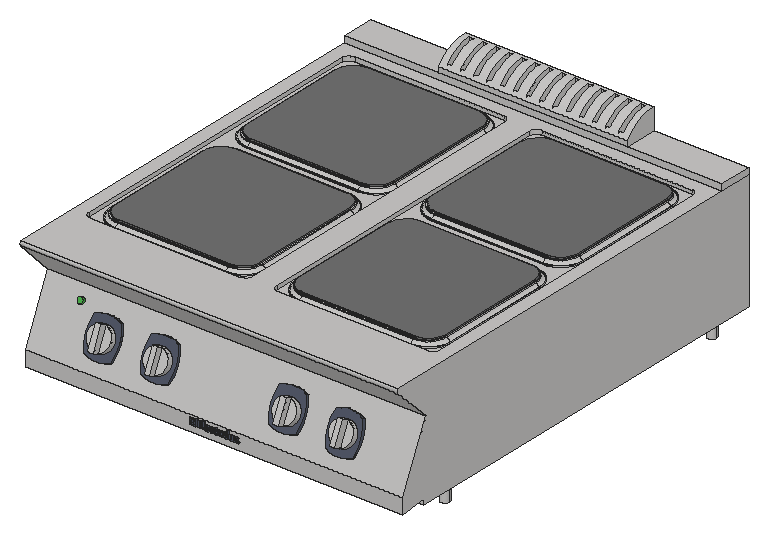
Revit family "QF_ELECTROLUXPROFESSIONAL_391040_E9ECEH4Q00", category Specialty Equipment, Revit 2018 (continued)
Automatic sketch dimensions
  Extrusion 10 sketch curve to Extrusion 10 sketch curve = 11.572 mm
  Extrusion 11 sketch curve to plane 4 "RIGHT" = 143.463 mm
  Extrusion 11 sketch curve to plane 7 "Center Y" = 136.537 mm
  Extrusion 11 sketch curve to Extrusion 11 sketch curve = 0 mm  (x3)
  Extrusion 11 sketch curve to Extrusion 11 sketch curve = 120 mm  (x2)
  Extrusion 12 sketch curve to Extrusion 1 = 151 mm
  Extrusion 12 sketch curve to Extrusion 1 = 250.023 mm
  Extrusion 13 sketch curve to Extrusion 1 = 61 mm
  Extrusion 13 sketch curve to Extrusion 1 = 276.023 mm
  Extrusion 14 sketch curve to Extrusion 1 = 31.119 mm  (x4)
  Extrusion 14 sketch curve to Extrusion 1 = 33.619 mm  (x4)
  Extrusion 14 sketch curve to Extrusion 14 sketch curve = 12.3 mm  (x12)
  Extrusion 14 sketch curve to Extrusion 14 sketch curve = 34.925 mm  (x6)
  Extrusion 14 sketch curve to Extrusion 14 sketch curve = 2.5 mm  (x2)
  Extrusion 14 sketch curve to Extrusion 14 sketch curve = 45.146 mm  (x4)
  Extrusion 1 to Extrusion 14 sketch curve = 89.526 mm
  Extrusion 14 sketch curve to Extrusion 14 sketch curve = 25.727 mm  (x4)
  Extrusion 14 sketch curve to Extrusion 14 sketch curve = 25.771 mm  (x2)
  Extrusion 14 sketch curve to Extrusion 14 sketch curve = 28.531 mm  (x2)
  Extrusion 14 sketch curve to Extrusion 14 sketch curve = 11.797 mm  (x2)
  Extrusion 14 sketch curve to Extrusion 14 sketch curve = 163.116 mm
  Extrusion 14 sketch curve to Extrusion 14 sketch curve = 25.683 mm  (x2)
  Extrusion 14 sketch curve to Extrusion 14 sketch curve = 28.575 mm  (x2)
  plane 10 "TOP A" to Extrusion 15 sketch curve = 12.778 mm
  Extrusion 15 sketch curve to plane 1 "BACK" = 0 mm
  plane 1 "BACK" to Extrusion 15 sketch curve = 1.769 mm
  plane 13 to Extrusion 15 sketch curve = 12.15 mm
  Extrusion 15 sketch curve to plane 10 "TOP A" = 27.335 mm
  plane 10 "TOP A" to Extrusion 15 sketch curve = 25.4 mm
  plane 1 "BACK" to Extrusion 16 sketch curve = 6.761 mm
  Extrusion 16 sketch curve to plane 7 "Center Y" = 177.251 mm
  Extrusion 16 sketch curve to Extrusion 16 sketch curve = 9.296 mm
  plane 13 to Extrusion 16 sketch curve = 18.089 mm
  Extrusion 17 sketch curve to plane 1 "BACK" = 6.761 mm
  Extrusion 17 sketch curve to plane 7 "Center Y" = 177.251 mm
  Extrusion 17 sketch curve to Extrusion 17 sketch curve = 9.296 mm
  Extrusion 17 sketch curve to plane 13 = 18.089 mm
  plane 1 "BACK" to Extrusion 18 sketch curve = 6.761 mm
  Extrusion 18 sketch curve to plane 7 "Center Y" = 149.263 mm
  Extrusion 18 sketch curve to Extrusion 18 sketch curve = 9.296 mm
  plane 13 to Extrusion 18 sketch curve = 18.089 mm
  plane 1 "BACK" to Extrusion 19 sketch curve = 6.761 mm
  Extrusion 19 sketch curve to plane 7 "Center Y" = 121.275 mm
  Extrusion 19 sketch curve to Extrusion 19 sketch curve = 9.296 mm
  plane 13 to Extrusion 19 sketch curve = 18.089 mm
  plane 1 "BACK" to Extrusion 20 sketch curve = 6.761 mm
  Extrusion 20 sketch curve to plane 7 "Center Y" = 93.311 mm
  Extrusion 20 sketch curve to Extrusion 20 sketch curve = 9.296 mm
  plane 13 to Extrusion 20 sketch curve = 18.089 mm
  plane 1 "BACK" to Extrusion 21 sketch curve = 6.761 mm
  Extrusion 21 sketch curve to plane 7 "Center Y" = 65.323 mm
  Extrusion 21 sketch curve to Extrusion 21 sketch curve = 9.296 mm
  plane 13 to Extrusion 21 sketch curve = 18.089 mm
  plane 1 "BACK" to Extrusion 22 sketch curve = 6.761 mm
  Extrusion 22 sketch curve to plane 7 "Center Y" = 37.335 mm
  Extrusion 22 sketch curve to Extrusion 22 sketch curve = 9.296 mm
  plane 13 to Extrusion 22 sketch curve = 18.089 mm
  Extrusion 23 sketch curve to plane 7 "Center Y" = 9.346 mm
  Extrusion 23 sketch curve to Extrusion 23 sketch curve = 9.296 mm
  plane 1 "BACK" to Extrusion 23 sketch curve = 6.761 mm
  plane 13 to Extrusion 23 sketch curve = 18.089 mm
  plane 1 "BACK" to Extrusion 24 sketch curve = 6.761 mm
  plane 7 "Center Y" to Extrusion 24 sketch curve = 18.642 mm
  Extrusion 24 sketch curve to Extrusion 24 sketch curve = 9.296 mm
  plane 13 to Extrusion 24 sketch curve = 18.089 mm
  plane 1 "BACK" to Extrusion 25 sketch curve = 6.761 mm
  plane 7 "Center Y" to Extrusion 25 sketch curve = 46.63 mm
  Extrusion 25 sketch curve to Extrusion 25 sketch curve = 9.296 mm
  plane 13 to Extrusion 25 sketch curve = 18.089 mm
  plane 1 "BACK" to Extrusion 26 sketch curve = 6.761 mm
  plane 7 "Center Y" to Extrusion 26 sketch curve = 74.619 mm
  Extrusion 26 sketch curve to Extrusion 26 sketch curve = 9.296 mm
  plane 13 to Extrusion 26 sketch curve = 18.089 mm
  plane 1 "BACK" to Extrusion 27 sketch curve = 6.761 mm
  plane 7 "Center Y" to Extrusion 27 sketch curve = 102.582 mm
  Extrusion 27 sketch curve to Extrusion 27 sketch curve = 9.296 mm
  plane 13 to Extrusion 27 sketch curve = 18.089 mm
  plane 1 "BACK" to Extrusion 28 sketch curve = 6.761 mm
  plane 7 "Center Y" to Extrusion 28 sketch curve = 130.57 mm
  Extrusion 28 sketch curve to Extrusion 28 sketch curve = 9.296 mm
  plane 13 to Extrusion 28 sketch curve = 18.089 mm
  plane 1 "BACK" to Extrusion 29 sketch curve = 6.761 mm
  plane 7 "Center Y" to Extrusion 29 sketch curve = 158.559 mm
  Extrusion 29 sketch curve to Extrusion 29 sketch curve = 9.296 mm
  plane 13 to Extrusion 29 sketch curve = 18.089 mm
  Sweep 30 sketch curve to Extrusion 5 = 40 mm  (x2)
  profile plane to Sweep 30 sketch curve = 0 mm
  Sweep 30 sketch curve to profile plane = 6.35 mm
  Sweep 30 sketch curve to Sweep 30 sketch curve = 1.714 mm
  profile plane to Sweep 30 sketch curve = 4.181 mm
  Sweep 30 sketch curve to profile plane = 12.291 mm
  Sweep 30 sketch curve to profile plane = 1.759 mm
  Sweep 30 sketch curve to Sweep 30 sketch curve = 1.891 mm
  Sweep 31 sketch curve to Extrusion 5 = 40 mm  (x2)
  profile plane to Sweep 31 sketch curve = 0 mm
  Sweep 31 sketch curve to profile plane = 6.35 mm
  Sweep 31 sketch curve to Sweep 31 sketch curve = 1.714 mm
  profile plane to Sweep 31 sketch curve = 4.181 mm
  Sweep 31 sketch curve to profile plane = 12.291 mm
  Sweep 31 sketch curve to profile plane = 1.759 mm
  Sweep 31 sketch curve to Sweep 31 sketch curve = 1.891 mm
  Extrusion 32 sketch curve to Extrusion 1 = 8.862 mm
  Extrusion 32 sketch curve to Extrusion 1 = 13.903 mm
  Extrusion 32 sketch curve to Extrusion 1 = 13.922 mm
  Extrusion 32 sketch curve to Extrusion 32 sketch curve = 0 mm  (x28)
  Extrusion 32 sketch curve to Extrusion 32 sketch curve = 5.108 mm
  Extrusion 32 sketch curve to Extrusion 32 sketch curve = 0.054 mm
  Extrusion 32 sketch curve to Extrusion 32 sketch curve = 0.218 mm
  Extrusion 32 sketch curve to Extrusion 32 sketch curve = 0.195 mm
  Extrusion 32 sketch curve to Extrusion 32 sketch curve = 0.249 mm
  Extrusion 32 sketch curve to Extrusion 1 = 14.219 mm
  Extrusion 32 sketch curve to Extrusion 32 sketch curve = 0.087 mm
  Extrusion 32 sketch curve to Extrusion 32 sketch curve = 0.358 mm
  Extrusion 32 sketch curve to Extrusion 32 sketch curve = 0.481 mm
  Extrusion 32 sketch curve to Extrusion 32 sketch curve = 0.597 mm
  Extrusion 32 sketch curve to Extrusion 32 sketch curve = 0.544 mm
  Extrusion 32 sketch curve to Extrusion 32 sketch curve = 0.936 mm
  Extrusion 32 sketch curve to Extrusion 32 sketch curve = 0.594 mm
  Extrusion 32 sketch curve to Extrusion 32 sketch curve = 0.343 mm
  Extrusion 32 sketch curve to Extrusion 32 sketch curve = 0.159 mm
  Extrusion 32 sketch curve to Extrusion 32 sketch curve = 0.826 mm
  Extrusion 32 sketch curve to Extrusion 32 sketch curve = 0.839 mm
  Extrusion 32 sketch curve to Extrusion 32 sketch curve = 0.852 mm
  Extrusion 32 sketch curve to Extrusion 32 sketch curve = 0.887 mm
  Extrusion 32 sketch curve to Extrusion 32 sketch curve = 0.928 mm
  Extrusion 32 sketch curve to Extrusion 32 sketch curve = 0.938 mm
  Extrusion 32 sketch curve to Extrusion 32 sketch curve = 0.444 mm
  Extrusion 32 sketch curve to Extrusion 32 sketch curve = 1.11 mm  (x3)
  Extrusion 32 sketch curve to Extrusion 32 sketch curve = 0.215 mm
  Extrusion 32 sketch curve to Extrusion 32 sketch curve = 1.43 mm
  Extrusion 32 sketch curve to Extrusion 32 sketch curve = 1.188 mm
  Extrusion 32 sketch curve to Extrusion 32 sketch curve = 1.21 mm  (x2)
  Extrusion 32 sketch curve to Extrusion 32 sketch curve = 0.503 mm
  Extrusion 32 sketch curve to Extrusion 32 sketch curve = 0.488 mm
  Extrusion 32 sketch curve to Extrusion 32 sketch curve = 0.462 mm
  Extrusion 32 sketch curve to Extrusion 32 sketch curve = 1.386 mm
  Extrusion 32 sketch curve to Extrusion 32 sketch curve = 1.742 mm  (x2)
  Extrusion 32 sketch curve to Extrusion 32 sketch curve = 0.821 mm
  Extrusion 32 sketch curve to Extrusion 32 sketch curve = 0.497 mm
  Extrusion 32 sketch curve to Extrusion 32 sketch curve = 0.539 mm
  Extrusion 32 sketch curve to Extrusion 32 sketch curve = 0.686 mm
  Extrusion 32 sketch curve to Extrusion 32 sketch curve = 0.408 mm
  Extrusion 32 sketch curve to Extrusion 32 sketch curve = 0.743 mm
  Extrusion 32 sketch curve to Extrusion 32 sketch curve = 1.16 mm
  Extrusion 32 sketch curve to Extrusion 32 sketch curve = 0.329 mm
  Extrusion 32 sketch curve to Extrusion 32 sketch curve = 1.054 mm
  Extrusion 32 sketch curve to Extrusion 32 sketch curve = 1.056 mm
  Extrusion 32 sketch curve to Extrusion 32 sketch curve = 0.129 mm
  Extrusion 32 sketch curve to Extrusion 32 sketch curve = 0.489 mm
  Extrusion 32 sketch curve to Extrusion 32 sketch curve = 0.441 mm
  Extrusion 32 sketch curve to Extrusion 32 sketch curve = 1.151 mm
  Extrusion 32 sketch curve to Extrusion 32 sketch curve = 1.141 mm  (x2)
  Extrusion 32 sketch curve to Extrusion 32 sketch curve = 0.768 mm
  Extrusion 32 sketch curve to Extrusion 32 sketch curve = 1.653 mm
  Extrusion 32 sketch curve to Extrusion 32 sketch curve = 0.499 mm
  Extrusion 32 sketch curve to Extrusion 32 sketch curve = 0.964 mm
  Extrusion 32 sketch curve to Extrusion 32 sketch curve = 0.949 mm
  Extrusion 32 sketch curve to Extrusion 32 sketch curve = 1.345 mm  (x3)
  Extrusion 32 sketch curve to Extrusion 32 sketch curve = 1.101 mm
  Extrusion 32 sketch curve to Extrusion 32 sketch curve = 0.432 mm
  Extrusion 32 sketch curve to Extrusion 32 sketch curve = 1.142 mm
  Extrusion 32 sketch curve to Extrusion 32 sketch curve = 0.959 mm
  Extrusion 32 sketch curve to Extrusion 32 sketch curve = 0.176 mm
  Extrusion 32 sketch curve to Extrusion 32 sketch curve = 0.728 mm
  Extrusion 32 sketch curve to Extrusion 32 sketch curve = 3.375 mm  (x2)
  Extrusion 32 sketch curve to Extrusion 32 sketch curve = 0.541 mm
  Extrusion 32 sketch curve to Extrusion 32 sketch curve = 0.955 mm
  Extrusion 32 sketch curve to Extrusion 32 sketch curve = 1.251 mm
  Extrusion 32 sketch curve to Extrusion 32 sketch curve = 0.572 mm
  Extrusion 32 sketch curve to Extrusion 32 sketch curve = 1.92 mm
  Extrusion 32 sketch curve to Extrusion 32 sketch curve = 1.224 mm
  Extrusion 32 sketch curve to Extrusion 32 sketch curve = 0.745 mm
  Extrusion 32 sketch curve to Extrusion 32 sketch curve = 2.537 mm
  Extrusion 32 sketch curve to Extrusion 32 sketch curve = 0.896 mm  (x3)
  Extrusion 32 sketch curve to Extrusion 32 sketch curve = 0.036 mm
  Extrusion 32 sketch curve to Extrusion 32 sketch curve = 2.607 mm
  Extrusion 32 sketch curve to Extrusion 32 sketch curve = 0.066 mm
  Extrusion 32 sketch curve to Extrusion 32 sketch curve = 0.248 mm
  Extrusion 32 sketch curve to Extrusion 32 sketch curve = 0.449 mm
  Extrusion 32 sketch curve to Extrusion 32 sketch curve = 1.052 mm
  Extrusion 32 sketch curve to Extrusion 32 sketch curve = 1.863 mm
  Extrusion 32 sketch curve to Extrusion 32 sketch curve = 1.31 mm  (x2)
  Extrusion 32 sketch curve to Extrusion 32 sketch curve = 0.901 mm
  Extrusion 32 sketch curve to Extrusion 32 sketch curve = 1.107 mm
  Extrusion 32 sketch curve to Extrusion 32 sketch curve = 2.122 mm
  Extrusion 32 sketch curve to Extrusion 32 sketch curve = 2.101 mm
  Extrusion 32 sketch curve to Extrusion 32 sketch curve = 0.106 mm
  Extrusion 32 sketch curve to Extrusion 32 sketch curve = 0.029 mm
  Extrusion 32 sketch curve to Extrusion 32 sketch curve = 2.09 mm
  Extrusion 32 sketch curve to Extrusion 32 sketch curve = 1.279 mm
  Extrusion 32 sketch curve to Extrusion 32 sketch curve = 2.008 mm
  Extrusion 32 sketch curve to Extrusion 32 sketch curve = 0.738 mm
  Extrusion 32 sketch curve to Extrusion 32 sketch curve = 0.382 mm
  Extrusion 32 sketch curve to Extrusion 32 sketch curve = 0.384 mm
  Extrusion 32 sketch curve to Extrusion 32 sketch curve = 0.002 mm
  Extrusion 32 sketch curve to Extrusion 32 sketch curve = 0.561 mm
  Extrusion 32 sketch curve to Extrusion 32 sketch curve = 0.592 mm
  Extrusion 32 sketch curve to Extrusion 32 sketch curve = 2.692 mm
  Extrusion 32 sketch curve to Extrusion 32 sketch curve = 1.259 mm
  Extrusion 32 sketch curve to Extrusion 32 sketch curve = 0.802 mm
  Extrusion 32 sketch curve to Extrusion 32 sketch curve = 1.024 mm  (x2)
  Extrusion 32 sketch curve to Extrusion 32 sketch curve = 0.682 mm
  Extrusion 32 sketch curve to Extrusion 32 sketch curve = 5.934 mm
  Extrusion 32 sketch curve to Extrusion 32 sketch curve = 2.186 mm
  Extrusion 32 sketch curve to Extrusion 32 sketch curve = 0.337 mm
  Extrusion 32 sketch curve to Extrusion 32 sketch curve = 0.021 mm
  Extrusion 32 sketch curve to Extrusion 32 sketch curve = 1.005 mm
  Extrusion 32 sketch curve to Extrusion 32 sketch curve = 0.552 mm
  Extrusion 32 sketch curve to Extrusion 32 sketch curve = 0.778 mm
  Extrusion 32 sketch curve to Extrusion 32 sketch curve = 0.063 mm
  Extrusion 32 sketch curve to Extrusion 32 sketch curve = 1.023 mm
  Extrusion 32 sketch curve to Extrusion 32 sketch curve = 3.804 mm
  Extrusion 32 sketch curve to Extrusion 32 sketch curve = 0.486 mm
  Extrusion 32 sketch curve to Extrusion 32 sketch curve = 0.266 mm
  Extrusion 32 sketch curve to Extrusion 32 sketch curve = 1.547 mm
  Extrusion 32 sketch curve to Extrusion 32 sketch curve = 0.717 mm  (x2)
  Extrusion 32 sketch curve to Extrusion 32 sketch curve = 1.667 mm
  Extrusion 32 sketch curve to Extrusion 32 sketch curve = 3.174 mm
  Extrusion 32 sketch curve to Extrusion 32 sketch curve = 0.388 mm
  Extrusion 32 sketch curve to Extrusion 32 sketch curve = 1.342 mm
  Extrusion 32 sketch curve to Extrusion 32 sketch curve = 1.521 mm
  Extrusion 32 sketch curve to Extrusion 32 sketch curve = 0.124 mm
  Extrusion 32 sketch curve to Extrusion 32 sketch curve = 0.291 mm
  Extrusion 32 sketch curve to Extrusion 32 sketch curve = 1.049 mm  (x2)
  Extrusion 32 sketch curve to Extrusion 32 sketch curve = 1.7 mm
  Extrusion 32 sketch curve to Extrusion 32 sketch curve = 0.894 mm
  Extrusion 32 sketch curve to Extrusion 32 sketch curve = 0.989 mm
  Extrusion 32 sketch curve to Extrusion 32 sketch curve = 1.168 mm
  Extrusion 32 sketch curve to Extrusion 32 sketch curve = 1.594 mm
  Extrusion 32 sketch curve to Extrusion 32 sketch curve = 0.731 mm
  Extrusion 32 sketch curve to Extrusion 32 sketch curve = 1.566 mm
  Extrusion 32 sketch curve to Extrusion 32 sketch curve = 0.064 mm
  Extrusion 32 sketch curve to Extrusion 32 sketch curve = 0.556 mm  (x2)
  Extrusion 32 sketch curve to Extrusion 32 sketch curve = 0.48 mm
  Extrusion 32 sketch curve to Extrusion 32 sketch curve = 1.018 mm
  Extrusion 32 sketch curve to Extrusion 32 sketch curve = 0.787 mm
  Extrusion 32 sketch curve to Extrusion 32 sketch curve = 0.618 mm
  Extrusion 32 sketch curve to Extrusion 32 sketch curve = 1.672 mm
  Extrusion 32 sketch curve to Extrusion 32 sketch curve = 1.361 mm
  Extrusion 32 sketch curve to Extrusion 32 sketch curve = 0.822 mm
  Extrusion 32 sketch curve to Extrusion 32 sketch curve = 0.069 mm
  Extrusion 32 sketch curve to Extrusion 32 sketch curve = 1.88 mm
  Extrusion 32 sketch curve to Extrusion 32 sketch curve = 0.42 mm
  Extrusion 32 sketch curve to Extrusion 32 sketch curve = 0.062 mm
  Extrusion 32 sketch curve to Extrusion 32 sketch curve = 1.355 mm
  Extrusion 32 sketch curve to Extrusion 32 sketch curve = 2.34 mm
  Extrusion 32 sketch curve to Extrusion 32 sketch curve = 0.493 mm
  Extrusion 32 sketch curve to Extrusion 32 sketch curve = 0.136 mm
  Extrusion 32 sketch curve to Extrusion 32 sketch curve = 0.128 mm
  Extrusion 32 sketch curve to Extrusion 32 sketch curve = 3.616 mm
  Extrusion 32 sketch curve to Extrusion 32 sketch curve = 4.207 mm
  Extrusion 32 sketch curve to Extrusion 32 sketch curve = 0.183 mm
  Extrusion 32 sketch curve to Extrusion 32 sketch curve = 0.895 mm
  Extrusion 32 sketch curve to Extrusion 32 sketch curve = 1.314 mm
  Extrusion 32 sketch curve to Extrusion 32 sketch curve = 3.231 mm
  Extrusion 32 sketch curve to Extrusion 32 sketch curve = 1.299 mm
  Extrusion 32 sketch curve to Extrusion 32 sketch curve = 1.214 mm
  Extrusion 32 sketch curve to Extrusion 32 sketch curve = 1.264 mm
  Extrusion 1 to Extrusion 32 sketch curve = 4.768 mm
  Extrusion 32 sketch curve to Extrusion 32 sketch curve = 0.357 mm
  Extrusion 32 sketch curve to Extrusion 32 sketch curve = 0.565 mm
  Extrusion 1 to Extrusion 32 sketch curve = 3.631 mm  (x2)
  Extrusion 1 to Extrusion 32 sketch curve = 3.324 mm
  Extrusion 1 to Extrusion 32 sketch curve = 346.355 mm
  Extrusion 32 sketch curve to Extrusion 32 sketch curve = 0.208 mm
  Extrusion 32 sketch curve to Extrusion 32 sketch curve = 0.468 mm  (x2)
  Extrusion 32 sketch curve to Extrusion 32 sketch curve = 1.559 mm
  Extrusion 32 sketch curve to Extrusion 32 sketch curve = 0.422 mm  (x2)
  Extrusion 32 sketch curve to Extrusion 32 sketch curve = 0.494 mm
  Extrusion 32 sketch curve to Extrusion 32 sketch curve = 3.927 mm
  Extrusion 32 sketch curve to Extrusion 32 sketch curve = 0.782 mm
  Extrusion 32 sketch curve to Extrusion 32 sketch curve = 1.268 mm
  Extrusion 32 sketch curve to Extrusion 32 sketch curve = 0.671 mm
  Extrusion 32 sketch curve to Extrusion 32 sketch curve = 0.777 mm
  Extrusion 32 sketch curve to Extrusion 32 sketch curve = 0.704 mm
  Extrusion 32 sketch curve to Extrusion 32 sketch curve = 0.781 mm  (x2)
  Extrusion 32 sketch curve to Extrusion 32 sketch curve = 1.634 mm
  Extrusion 32 sketch curve to Extrusion 32 sketch curve = 0.132 mm
  Extrusion 32 sketch curve to Extrusion 32 sketch curve = 3.136 mm
  Extrusion 32 sketch curve to Extrusion 32 sketch curve = 2.422 mm
  Extrusion 32 sketch curve to Extrusion 32 sketch curve = 0.586 mm
  Extrusion 32 sketch curve to Extrusion 32 sketch curve = 2.046 mm  (x2)
  Extrusion 32 sketch curve to Extrusion 32 sketch curve = 1.241 mm
  Extrusion 32 sketch curve to Extrusion 32 sketch curve = 1.689 mm
  Extrusion 32 sketch curve to Extrusion 32 sketch curve = 2.859 mm
  Extrusion 32 sketch curve to Extrusion 32 sketch curve = 0.627 mm
  Extrusion 32 sketch curve to Extrusion 32 sketch curve = 0.863 mm
  Extrusion 32 sketch curve to Extrusion 32 sketch curve = 0.419 mm
  Extrusion 32 sketch curve to Extrusion 32 sketch curve = 1.514 mm
  Extrusion 32 sketch curve to Extrusion 32 sketch curve = 1.019 mm
  Extrusion 32 sketch curve to Extrusion 32 sketch curve = 0.065 mm
  Extrusion 32 sketch curve to Extrusion 32 sketch curve = 1.215 mm
  Extrusion 32 sketch curve to Extrusion 32 sketch curve = 2.708 mm
  Extrusion 32 sketch curve to Extrusion 32 sketch curve = 1.122 mm
  Extrusion 32 sketch curve to Extrusion 32 sketch curve = 1.153 mm
  Extrusion 32 sketch curve to Extrusion 32 sketch curve = 3.009 mm
  Extrusion 32 sketch curve to Extrusion 32 sketch curve = 0.829 mm  (x2)
  Extrusion 32 sketch curve to Extrusion 32 sketch curve = 0.934 mm
  Extrusion 32 sketch curve to Extrusion 32 sketch curve = 3.376 mm
  Extrusion 32 sketch curve to Extrusion 32 sketch curve = 0.222 mm
  Extrusion 32 sketch curve to Extrusion 32 sketch curve = 1.383 mm
  Extrusion 32 sketch curve to Extrusion 32 sketch curve = 1.556 mm
  Extrusion 32 sketch curve to Extrusion 32 sketch curve = 2.559 mm
  Extrusion 32 sketch curve to Extrusion 32 sketch curve = 2.51 mm
  Extrusion 32 sketch curve to Extrusion 32 sketch curve = 0.131 mm
  Extrusion 32 sketch curve to Extrusion 32 sketch curve = 1.717 mm
  Extrusion 32 sketch curve to Extrusion 32 sketch curve = 1.134 mm
  Extrusion 32 sketch curve to Extrusion 32 sketch curve = 0.366 mm
  Extrusion 32 sketch curve to Extrusion 32 sketch curve = 0.094 mm
  Extrusion 32 sketch curve to Extrusion 32 sketch curve = 1.584 mm
  Extrusion 32 sketch curve to Extrusion 32 sketch curve = 1.501 mm
  Extrusion 32 sketch curve to Extrusion 32 sketch curve = 0.27 mm
  Extrusion 32 sketch curve to Extrusion 32 sketch curve = 1.808 mm
  Extrusion 32 sketch curve to Extrusion 32 sketch curve = 0.643 mm
  Extrusion 32 sketch curve to Extrusion 32 sketch curve = 0.916 mm
  Extrusion 32 sketch curve to Extrusion 32 sketch curve = 0.352 mm
  Extrusion 32 sketch curve to Extrusion 32 sketch curve = 0.458 mm
  Extrusion 32 sketch curve to Extrusion 32 sketch curve = 1.282 mm
  Extrusion 32 sketch curve to Extrusion 32 sketch curve = 1.363 mm
  Extrusion 32 sketch curve to Extrusion 32 sketch curve = 0.685 mm
  Extrusion 32 sketch curve to Extrusion 32 sketch curve = 0.905 mm
  Extrusion 32 sketch curve to Extrusion 32 sketch curve = 2.865 mm
  Extrusion 32 sketch curve to Extrusion 32 sketch curve = 0.472 mm
  Extrusion 32 sketch curve to Extrusion 32 sketch curve = 0.101 mm
  Extrusion 32 sketch curve to Extrusion 32 sketch curve = 0.54 mm
  Extrusion 32 sketch curve to Extrusion 32 sketch curve = 0.02 mm
  Extrusion 32 sketch curve to Extrusion 32 sketch curve = 0.582 mm
  Extrusion 32 sketch curve to Extrusion 32 sketch curve = 0.166 mm
  Extrusion 32 sketch curve to Extrusion 32 sketch curve = 0.16 mm
  Extrusion 32 sketch curve to Extrusion 32 sketch curve = 2.781 mm
  Extrusion 32 sketch curve to Extrusion 32 sketch curve = 1.118 mm
  Extrusion 32 sketch curve to Extrusion 32 sketch curve = 0.613 mm
  Extrusion 32 sketch curve to Extrusion 32 sketch curve = 0.361 mm
  Extrusion 32 sketch curve to Extrusion 32 sketch curve = 0.897 mm
  Extrusion 32 sketch curve to Extrusion 32 sketch curve = 0.167 mm
  Extrusion 32 sketch curve to Extrusion 32 sketch curve = 0.292 mm
  Extrusion 32 sketch curve to Extrusion 32 sketch curve = 0.305 mm
  Extrusion 32 sketch curve to Extrusion 32 sketch curve = 1.557 mm
  Extrusion 32 sketch curve to Extrusion 32 sketch curve = 2.499 mm
  Extrusion 32 sketch curve to Extrusion 32 sketch curve = 3.062 mm
  Extrusion 32 sketch curve to Extrusion 32 sketch curve = 2.968 mm
  Extrusion 32 sketch curve to Extrusion 32 sketch curve = 5.044 mm
  Extrusion 32 sketch curve to Extrusion 32 sketch curve = 0.629 mm  (x2)
  Extrusion 32 sketch curve to Extrusion 32 sketch curve = 1.131 mm
  Extrusion 32 sketch curve to Extrusion 32 sketch curve = 0.137 mm
  Extrusion 32 sketch curve to Extrusion 32 sketch curve = 0.027 mm
  Extrusion 32 sketch curve to Extrusion 32 sketch curve = 2.235 mm
  plane 11 to Extrusion 3 sketch curve = 0 mm  (x2)
  Extrusion 3 sketch curve to plane 13 = 0 mm  (x2)
  plane 3 "LEFT" to Extrusion 3 sketch curve = 11.112 mm  (x2)
  Extrusion 3 sketch curve to plane 4 "RIGHT" = 11.113 mm  (x2)
  Extrusion 33 sketch curve to Extrusion 1 = 0 mm  (x2)
  Extrusion 33 sketch curve to Extrusion 1 = 69.85 mm
  Extrusion 1 to Extrusion 33 sketch curve = 12.778 mm
  curve 13 to curve 21 = 0 mm  (x2)
  curve 13 to curve 29 = 0 mm
  curve 13 to curve 37 = 0 mm
  curve 15 to curve 23 = 0 mm  (x2)
  curve 17 to curve 25 = 0 mm  (x2)
  curve 17 to curve 41 = 0 mm
  curve 19 to curve 27 = 0 mm
  curve 19 to curve 43 = 0 mm  (x2)
  curve 23 to curve 35 = 0 mm  (x2)
  curve 29 to curve 37 = 0 mm  (x2)
  curve 31 to curve 43 = 0 mm  (x2)
  curve 33 to curve 41 = 0 mm  (x2)
  curve 35 to curve 39 = 0 mm
  curve 45 to curve 53 = 0 mm  (x2)
  curve 45 to curve 160 = 0 mm  (x2)
  curve 45 to curve 162 = 0 mm  (x2)
  curve 47 to curve 55 = 0 mm  (x2)
  curve 47 to curve 158 = 0 mm  (x2)
  curve 47 to curve 164 = 0 mm  (x2)
  curve 49 to curve 57 = 0 mm  (x2)
  curve 49 to curve 156 = 0 mm
  curve 49 to curve 166 = 0 mm
  curve 51 to curve 59 = 0 mm
  curve 51 to curve 154 = 0 mm  (x2)
  curve 51 to curve 168 = 0 mm  (x2)
  curve 121 to curve 129 = 0 mm  (x2)
  curve 121 to curve 145 = 0 mm
  curve 123 to curve 131 = 0 mm  (x2)
  curve 125 to curve 133 = 0 mm  (x2)
  curve 125 to curve 149 = 0 mm  (x2)
  curve 127 to curve 135 = 0 mm
  curve 127 to curve 139 = 0 mm
  curve 129 to curve 145 = 0 mm
  curve 131 to curve 143 = 0 mm  (x2)
  curve 137 to curve 145 = 0 mm
  curve 139 to curve 151 = 0 mm  (x2)
  curve 141 to curve 149 = 0 mm  (x2)
  curve 143 to curve 147 = 0 mm  (x2)
  curve 169 to curve 200 = 0 mm
  curve 171 to curve 178 = 0 mm
  curve 171 to curve 198 = 0 mm
  curve 173 to curve 196 = 0 mm  (x2)
  curve 175 to curve 194 = 0 mm  (x2)
  curve 178 to curve 198 = 0 mm
  curve 180 to curve 196 = 0 mm  (x2)
  curve 182 to curve 194 = 0 mm  (x2)
  curve 184 to curve 200 = 0 mm  (x2)
  curve 185 to curve 200 = 0 mm
  curve 187 to curve 198 = 0 mm  (x2)
  curve 189 to curve 196 = 0 mm  (x2)
  curve 191 to curve 194 = 0 mm  (x2)
  plane 1 "BACK" to curve 211 = 0 mm
  curve 211 to plane 4 "RIGHT" = 0 mm
  curve 183 to plane 8 "Center X" = 0 mm
  curve 52 to plane 8 "Center X" = 0 mm
  curve 210 to plane 3 "LEFT" = 0 mm
  plane 5 "FRONT" to curve 209 = 0 mm
  curve 206 to plane 4 "RIGHT" = 27.5 mm
  curve 189 to plane 4 "RIGHT" = 38.661 mm
  curve 147 to plane 4 "RIGHT" = 38.661 mm
  curve 145 to curve 144 = 1.714 mm
  curve 191 to curve 194 = 1.714 mm
  curve 206 to plane 13 = 15.534 mm
  curve 206 to curve 206 = 15 mm
  plane 11 to curve 208 = 6.885 mm
  curve 208 to curve 208 = 15 mm
  curve 194 to curve 181 = 6.35 mm
  curve 137 to curve 129 = 6.35 mm
  curve 180 to curve 173 = 3 mm
  curve 130 to curve 122 = 3 mm
  curve 174 to curve 194 = 37 mm
  curve 122 to curve 123 = 37 mm
  curve 206 to curve 121 = 44.225 mm
  curve 180 to plane 11 = 10 mm
  curve 208 to curve 180 = 44.225 mm
  curve 145 to curve 120 = 113.275 mm
  plane 8 "Center X" to curve 148 = 27.516 mm
  plane 7 "Center Y" to curve 148 = 78.275 mm
  plane 7 "Center Y" to curve 151 = 78.275 mm
  curve 169 to curve 149 = 0 mm
  curve 171 to plane 11 = 50 mm
  plane 7 "Center Y" to curve 171 = 78.275 mm
  curve 127 to curve 126 = 37 mm
  curve 151 to curve 204 = 38.026 mm
  curve 187 to curve 201 = 38.026 mm
  curve 204 to curve 203 = 15 mm
  curve 11 to plane 11 = 8.115 mm
  curve 11 to plane 7 "Center Y" = 25.249 mm
  curve 10 to plane 7 "Center Y" = 25.249 mm
  curve 167 to plane 7 "Center Y" = 30.211 mm
  curve 43 to plane 7 "Center Y" = 30.211 mm
  curve 42 to curve 33 = 1.714 mm
  curve 167 to curve 155 = 1.714 mm
  curve 155 to curve 50 = 6.35 mm
  curve 32 to curve 26 = 6.35 mm
  curve 10 to curve 10 = 15 mm
  plane 11 to curve 11 = 6.885 mm
  curve 26 to curve 18 = 3 mm
  curve 51 to curve 59 = 3 mm
  curve 57 to curve 156 = 37 mm
  plane 8 "Center X" to curve 41 = 27.516 mm
  curve 17 to curve 41 = 37 mm
  curve 58 to curve 168 = 37 mm
  curve 18 to curve 19 = 37 mm
  curve 44 to curve 119 = 121.725 mm
  plane 3 "LEFT" to curve 34 = 86.725 mm
  curve 60 to curve 39 = 0 mm
  curve 56 to plane 11 = 13 mm
  plane 3 "LEFT" to curve 56 = 86.725 mm
  plane 3 "LEFT" to curve 37 = 86.725 mm
  curve 13 to curve 14 = 37 mm
  curve 45 to curve 54 = 37 mm
  curve 9 to plane 13 = 15.534 mm
  plane 3 "LEFT" to curve 9 = 42.5 mm
  curve 12 to plane 11 = 8.115 mm
  curve 12 to curve 159 = 2.125 mm
  curve 9 to curve 9 = 15 mm
  curve 12 to curve 12 = 15 mm
  plane 13 to curve 119 = 12.15 mm
  curve 10 to plane 13 = 15.534 mm
  curve 37 to plane 13 = 24.355 mm
  curve 152 to plane 13 = 24.355 mm
  radius of Sweep 6 sketch curve to Extrusion 5 = 0 mm  (x2)
  radius of Sweep 7 sketch curve to Extrusion 5 = 0 mm  (x2)
  radius of Extrusion 8 sketch curve to Extrusion 5 = 3 mm  (x8)
  radius of Extrusion 9 sketch curve = 6.35 mm
  radius of Extrusion 11 sketch curve = 25.4 mm  (x4)
  radius of Extrusion 12 sketch curve = 12.7 mm
  radius of Extrusion 13 sketch curve = 12.7 mm
  radius of Sweep 30 sketch curve to Extrusion 5 = 0 mm  (x2)
  radius of Sweep 31 sketch curve to Extrusion 5 = 0 mm  (x2)
  radius of Extrusion 3 sketch curve = 9.525 mm  (x4)
Connectors
  electrical at (739, -583, 11.3), driven by "Volts", driven by "Watts"
    settings: on Extrusion 13, index 2, voltage 400 V, apparent load 16000 VA, apparent load phase1 0 VA, apparent load phase2 0 VA, apparent load phase3 0 VA, power factor 1, load classification "Other", number of poles 1, system type 30, power factor state 1, is connector primary yes, connector utility no, sub classification motor no, connector description "ELECTRICAL CONNECTION"
